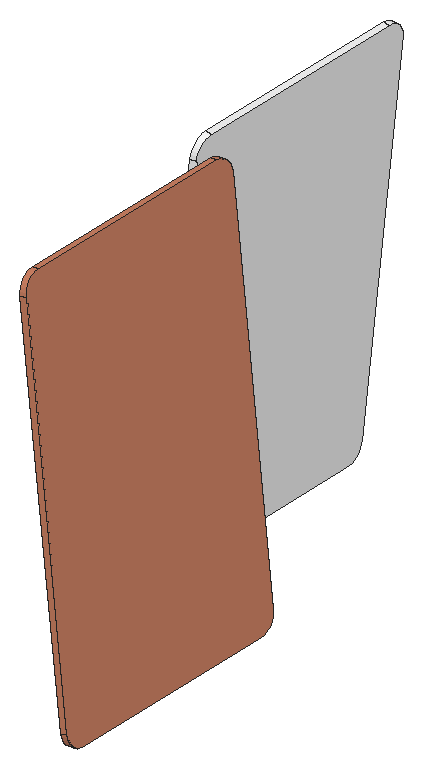
Revit family "Add_On_Board-Teknion-CQCAB_Routes-R2021", category Furniture, Revit 2021
Family settings
  OmniClass Number = 23.40.20.00
  OmniClass Title = General Furniture and Specialties
  Work Plane-Based = No
  Always vertical = Yes
  Cut with Voids When Loaded = No
  Shared = Yes
  Room Calculation Point = No
Parameters (values of type "One Whiteboard Add Ons & One Tackboard Add Ons")
  Warranty = "http://www.teknion.com/ca/papers/legal-canada"
  Unit Weight URL = "http://www.teknion.com/ca/tools/assets#&asset=bee6a381-b954-425e-8283-5a2de3a804f2,f828d448-4b62-4231-9e5f-9a8991c0ed77"
  URL = "www.teknion.com"
  To render please download texture images found here [instance] = "https://assets.teknion.com/web/5e81352c1dfdb467/revit-material-swatches/"
  Tackboard Fabric [instance] = Fabric - Teknion - D424 - India - Mumbai
  Sustainability Data = "https://www.teknion.com/ca/tools/assets#&topic=216f99a5-57a0-44fc-b10a-9dee9b29ae4c&asset=444deb64-fe58-4b68-981e-f75e97781df7,b4ff2d81-9f2e-437d-9659-7cffb09c31cf"
  Series = "Routes"  # constant formula
  Right Whiteboard Add On Board = no
  Right Tackboard Add On Board = yes
  Product Page URL = "https://www.teknion.com/ca/products/product-details?productLineId=70f0476f-8e7a-673b-a6c8-ff05004460c4"
  Product Line = "Routes"  # constant formula
  Product Documentation Link = "https://assets.teknion.com/m/72af4764f50e983c/original/Routes-Reference-Guide.pdf"
  Part Number = "CQCAB"
  Model = "CQCABU_"
  Manufacturer Phone = "416-661-3370"  # constant formula
  Manufacturer Fax = "416.661.4586"  # constant formula
  Manufacturer Contact Information = "http://www.teknion.com/ca/contactus"
  Manufacturer Address = "1150 Flint Road, Toronto, ON. M3J 2J5. Canada"  # constant formula
  Manufacturer = "Teknion"  # constant formula
  Left Whiteboard Add On = yes
  Left Tackboard Add On = no
  How To Use Teknion Materials User Guide [instance] = "https://assets.teknion.com/m/205dd0a49fa58060/original/How-to-add-a-Material-Library-and-Texture-Images-to-your-Revit-project.pdf"
  For Additional Finishes please visit [instance] = "https://assets.teknion.com/m/44a8009b046e5d47/original/Teknion_Materials_Library.zip"
  Description = "Routes  Add On Board, One Whiteboard Add Ons & One Tackboard Add On"
  Default Elevation = 0.000"
  Assembly Code = "E2020200"
  2D Add On Board = yes
Types (4): name | Tackboard Fabric | Right Whiteboard Add On Board | Right Tackboard Add On Board | Model | Left Whiteboard Add On | Left Tackboard Add On | Description
  (no name) | Fabric - Teknion - D424 - India - Mumbai | no | yes | "CQCABU_" | yes | no | "Routes  Add On Board, One Whiteboard Add Ons & One Tackboard Add On"
  One Whiteboard Add Ons & One Tackboard Add Ons | Fabric - Teknion - D424 - India - Mumbai | no | yes | "CQCABU_" | yes | no | "Routes  Add On Board, One Whiteboard Add Ons & One Tackboard Add On"
  Two Tackboard Add Ons | Fabric - Teknion - A164 - Adage - Amethyst | no | yes | "CQCABT_" | no | yes | "Routes Add On Board, Two Tackboard Add Ons"
  Two Whiteboard Add Ons | Laminate-Teknion-5D-Whiteboard | yes | no | "CQCABWW" | yes | no | "Routes Add On Board, Two Whiteboard Add Ons,"
Reference planes (in)
  plane 1: z = 0
  plane 2 "Center Left/Right": x = -0.32293
  plane 3 "Left": x = -7.39958
  plane 4 "Right": x = 6.75373
  plane 5 "Back": y = 25.42193
  plane 6 "Front": y = -33.0627
  plane 7 "Top": z = 77.87003
  plane 8 "Center (Front/Back)": y = -3.82039
Forms (in)
  Sweep 1, solid, material "Fabric - Teknion - D424 - India - Mumbai" <- "Tackboard Fabric", visible <- "Left Tackboard Add On"
    path origin (-0.33229, -2.85669, -0.14177) x (-1, 0, 0) y (0, 0, 1)
      loop
        line (6.35838, 27.01658) -> (7.06729, 27.09286)
    profile origin (-7.04512, -2.85669, 26.91295) x (-0.106981, 0, -0.994261) y (0, -1, 0)
      loop
        line (-45.5, -28.27862) -> (-2, -28.27862)
        arc (-2, -28.27862) -> (-0.58579, -27.69284) -> (0, -26.27862) r 2
        line (0, -26.27862) -> (0, -0.77862)
        arc (0, -0.77862) -> (-0.58579, 0.63559) -> (-2, 1.22138) r 2
        line (-2, 1.22138) -> (-45.5, 1.22138)
        arc (-45.5, 1.22138) -> (-46.91421, 0.63559) -> (-47.5, -0.77862) r 2
        line (-47.5, -0.77862) -> (-47.5, -26.27862)
        arc (-47.5, -26.27862) -> (-46.91421, -27.69284) -> (-45.5, -28.27862) r 2
  Sweep 2, solid, material "Laminate-Teknion-5D-Whiteboard", visible <- "Right Whiteboard Add On Board"
    path origin (-0.31131, -2.85669, -0.14177) x (1, 0, 0) y (0, 0, 1)
      loop
        line (6.35613, 27.01658) -> (7.06504, 27.09286)
    profile origin (6.39927, -2.85669, 26.91295) x (-0.106981, 0, 0.994261) y (0, -1, 0)
      loop
        arc (45.5, 0.68181) -> (46.91421, 1.26759) -> (47.5, 2.68181) r 2
        line (47.5, 2.68181) -> (47.5, 28.18181)
        arc (47.5, 28.18181) -> (46.91421, 29.59602) -> (45.5, 30.18181) r 2
        line (45.5, 30.18181) -> (2, 30.18181)
        arc (2, 30.18181) -> (0.58579, 29.59602) -> (0, 28.18181) r 2
        line (0, 28.18181) -> (0, 2.68181)
        arc (0, 2.68181) -> (0.58579, 1.26759) -> (2, 0.68181) r 2
        line (2, 0.68181) -> (45.5, 0.68181)
  Sweep 3, solid, material "Fabric - Teknion - D424 - India - Mumbai" <- "Tackboard Fabric", visible <- "Right Tackboard Add On Board"
    path origin (-0.31131, -2.85669, -0.14177) x (1, 0, 0) y (0, 0, 1)
      loop
        line (6.35613, 27.01658) -> (7.06504, 27.09286)
    profile origin (6.39927, -2.85669, 26.91295) x (-0.106981, 0, 0.994261) y (0, -1, 0)
      loop
        arc (45.5, 0.68181) -> (46.91421, 1.26759) -> (47.5, 2.68181) r 2
        line (47.5, 2.68181) -> (47.5, 28.18181)
        arc (47.5, 28.18181) -> (46.91421, 29.59602) -> (45.5, 30.18181) r 2
        line (45.5, 30.18181) -> (2, 30.18181)
        arc (2, 30.18181) -> (0.58579, 29.59602) -> (0, 28.18181) r 2
        line (0, 28.18181) -> (0, 2.68181)
        arc (0, 2.68181) -> (0.58579, 1.26759) -> (2, 0.68181) r 2
        line (2, 0.68181) -> (45.5, 0.68181)
  Sweep 4, solid, material "Laminate-Teknion-5D-Whiteboard", visible <- "Left Whiteboard Add On"
    path origin (-0.33229, -2.85669, -0.14177) x (-1, 0, 0) y (0, 0, 1)
      loop
        line (6.35838, 27.01658) -> (7.06729, 27.09286)
    profile origin (-7.04512, -2.85669, 26.91295) x (-0.106981, 0, -0.994261) y (0, -1, 0)
      loop
        line (-45.5, -28.27862) -> (-2, -28.27862)
        arc (-2, -28.27862) -> (-0.58579, -27.69284) -> (0, -26.27862) r 2
        line (0, -26.27862) -> (0, -0.77862)
        arc (0, -0.77862) -> (-0.58579, 0.63559) -> (-2, 1.22138) r 2
        line (-2, 1.22138) -> (-45.5, 1.22138)
        arc (-45.5, 1.22138) -> (-46.91421, 0.63559) -> (-47.5, -0.77862) r 2
        line (-47.5, -0.77862) -> (-47.5, -26.27862)
        arc (-47.5, -26.27862) -> (-46.91421, -27.69284) -> (-45.5, -28.27862) r 2
Lines and regions (in)
  Masking region 1
    outline origin (0, 0, 0) x (1, 0, 0) y (0, 1, 0)
      loop
        spline (0.96323, -31.0385) -> (0.96506, -31.29955) -> (0.97052, -31.55614) -> (0.97952, -31.80387) -> (0.9919, -32.0385) -> (1.00745, -32.25602) -> (1.0259, -32.45271) -> (1.04694, -32.62521) -> (1.07021, -32.77055) -> (1.09532, -32.88626) -> (1.12182, -32.97035) -> (1.14927, -33.02139) -> (1.1772, -33.0385)
        line (1.1772, -33.0385) -> (6.53977, -33.0385)
        spline (6.53977, -33.0385) -> (6.56769, -33.02139) -> (6.59514, -32.97035) -> (6.62164, -32.88626) -> (6.64675, -32.77055) -> (6.67002, -32.62521) -> (6.69106, -32.45271) -> (6.70951, -32.25602) -> (6.72506, -32.0385) -> (6.73744, -31.80387) -> (6.74644, -31.55614) -> (6.7519, -31.29955) -> (6.75373, -31.0385)
        line (6.75373, -31.0385) -> (6.75373, -5.5385)
        spline (6.75373, -5.5385) -> (6.7519, -5.27745) -> (6.74644, -5.02086) -> (6.73744, -4.77313) -> (6.72506, -4.5385) -> (6.70951, -4.32098) -> (6.69106, -4.12429) -> (6.67002, -3.95179) -> (6.64675, -3.80645) -> (6.62164, -3.69074) -> (6.59514, -3.60665) -> (6.56769, -3.55561) -> (6.53977, -3.5385)
        line (6.53977, -3.5385) -> (1.1772, -3.5385)
        spline (1.1772, -3.5385) -> (1.14927, -3.55561) -> (1.12182, -3.60665) -> (1.09532, -3.69074) -> (1.07021, -3.80645) -> (1.04694, -3.95179) -> (1.0259, -4.12429) -> (1.00745, -4.32098) -> (0.9919, -4.5385) -> (0.97952, -4.77313) -> (0.97052, -5.02086) -> (0.96506, -5.27745) -> (0.96323, -5.5385)
        line (0.96323, -5.5385) -> (0.96323, -31.0385)
      loop
        line (-1.82305, 25.42193) -> (-7.18562, 25.42193)
        spline (-7.18562, 25.42193) -> (-7.21354, 25.40482) -> (-7.24099, 25.35378) -> (-7.2675, 25.26969) -> (-7.2926, 25.15398) -> (-7.31587, 25.00864) -> (-7.33691, 24.83614) -> (-7.35536, 24.63945) -> (-7.37091, 24.42193) -> (-7.38329, 24.1873) -> (-7.39229, 23.93957) -> (-7.39775, 23.68298) -> (-7.39958, 23.42193)
        line (-7.39958, 23.42193) -> (-7.39958, -2.07807)
        spline (-7.39958, -2.07807) -> (-7.39775, -2.33912) -> (-7.39229, -2.59571) -> (-7.38329, -2.84344) -> (-7.37091, -3.07807) -> (-7.35536, -3.29559) -> (-7.33691, -3.49228) -> (-7.31587, -3.66478) -> (-7.2926, -3.81012) -> (-7.2675, -3.92583) -> (-7.24099, -4.00992) -> (-7.21354, -4.06096) -> (-7.18562, -4.07807)
        line (-7.18562, -4.07807) -> (-1.82305, -4.07807)
        spline (-1.82305, -4.07807) -> (-1.79512, -4.06096) -> (-1.76767, -4.00992) -> (-1.74117, -3.92583) -> (-1.71607, -3.81012) -> (-1.6928, -3.66478) -> (-1.67175, -3.49228) -> (-1.6533, -3.29559) -> (-1.63775, -3.07807) -> (-1.62537, -2.84344) -> (-1.61638, -2.59571) -> (-1.61092, -2.33912) -> (-1.60909, -2.07807)
        line (-1.60909, -2.07807) -> (-1.60909, 23.42193)
        spline (-1.60909, 23.42193) -> (-1.61092, 23.68298) -> (-1.61638, 23.93957) -> (-1.62537, 24.1873) -> (-1.63775, 24.42193) -> (-1.6533, 24.63945) -> (-1.67175, 24.83614) -> (-1.6928, 25.00864) -> (-1.71607, 25.15398) -> (-1.74117, 25.26969) -> (-1.76767, 25.35378) -> (-1.79512, 25.40482) -> (-1.82305, 25.42193)
  symbolic lines
    curve 1: line (-2.31799, -2.07807, 0) -> (-2.31799, 23.42193, 0)
    curve 2: spline (-2.31799, 23.42193, 0) -> (-2.31982, 23.68298, 0) -> (-2.32528, 23.93957, 0) -> (-2.33428, 24.1873, 0) -> (-2.34666, 24.42193, 0) -> (-2.36221, 24.63945, 0) -> (-2.38066, 24.83614, 0) -> (-2.4017, 25.00864, 0) -> (-2.42497, 25.15398, 0) -> (-2.45008, 25.26969, 0) -> (-2.47658, 25.35378, 0) -> (-2.50403, 25.40482, 0) -> (-2.53196, 25.42193, 0)
    curve 3: spline (-2.53196, -4.07807, 0) -> (-2.50403, -4.06096, 0) -> (-2.47658, -4.00992, 0) -> (-2.45008, -3.92583, 0) -> (-2.42497, -3.81012, 0) -> (-2.4017, -3.66478, 0) -> (-2.38066, -3.49228, 0) -> (-2.36221, -3.29559, 0) -> (-2.34666, -3.07807, 0) -> (-2.33428, -2.84344, 0) -> (-2.32528, -2.59571, 0) -> (-2.31982, -2.33912, 0) -> (-2.31799, -2.07807, 0)
    curve 4: line (1.67214, -5.5385, 0) -> (1.67214, -31.0385, 0)
    curve 5: spline (1.8861, -3.5385, 0) -> (1.85818, -3.55561, 0) -> (1.83073, -3.60665, 0) -> (1.80422, -3.69074, 0) -> (1.77912, -3.80645, 0) -> (1.75585, -3.95179, 0) -> (1.73481, -4.12429, 0) -> (1.71636, -4.32098, 0) -> (1.70081, -4.5385, 0) -> (1.68843, -4.77313, 0) -> (1.67943, -5.02086, 0) -> (1.67397, -5.27745, 0) -> (1.67214, -5.5385, 0)
    curve 6: spline (1.67214, -31.0385, 0) -> (1.67397, -31.29955, 0) -> (1.67943, -31.55614, 0) -> (1.68843, -31.80387, 0) -> (1.70081, -32.0385, 0) -> (1.71636, -32.25602, 0) -> (1.73481, -32.45271, 0) -> (1.75585, -32.62521, 0) -> (1.77912, -32.77055, 0) -> (1.80422, -32.88626, 0) -> (1.83073, -32.97035, 0) -> (1.85818, -33.02139, 0) -> (1.8861, -33.0385, 0)
Dimensions and locks (in)
  locked: plane 3 "Left" to plane 4 "Right" at 14.15106
  locked: plane 5 "Back" to plane 6 "Front" at 58.48463
  plane 7 "Top" to level = 77.87003"
  equal spacing: plane 5 "Back", plane 8 "Center (Front/Back)", plane 6 "Front"
  equal spacing: plane 3 "Left", plane 2 "Center Left/Right", plane 4 "Right"
  aligned and locked: level to plane 1
  aligned and locked: Masking region 1 sketch curve to Sweep 3  (x2)
  aligned and locked: Masking region 1 sketch curve to Sweep 2  (x2)
  aligned and locked: Masking region 1 sketch curve to Sweep 4  (x4)
  aligned and locked: curve 1 to Sweep 4
  aligned and locked: curve 4 to Sweep 3
Automatic sketch dimensions
  Sweep 1 sketch curve to plane 3 "Left" = 0.000"
  Sweep 1 sketch curve to plane 3 "Left" = 0.70891"
  Sweep 1 sketch curve to level = 26.87481"
  Sweep 1 sketch curve to Sweep 1 sketch curve = 0.07628"
  Sweep 1 sketch curve to profile plane = 0.000"
  profile plane to Sweep 1 sketch curve = 2.000"  (x2)
  profile plane to Sweep 1 sketch curve = 1.22138"
  Sweep 1 sketch curve to profile plane = 0.77862"
  Sweep 1 sketch curve to Sweep 1 sketch curve = 43.500"
  Sweep 1 sketch curve to Sweep 1 sketch curve = 2.000"
  Sweep 1 sketch curve to Sweep 1 sketch curve = 25.500"
  plane 4 "Right" to Sweep 2 sketch curve = 0.000"
  plane 4 "Right" to Sweep 2 sketch curve = 0.70891"
  level to Sweep 2 sketch curve = 26.87481"
  Sweep 2 sketch curve to Sweep 2 sketch curve = 0.07628"
  Sweep 2 sketch curve to profile plane = 0.000"
  Sweep 2 sketch curve to Sweep 2 sketch curve = 2.000"  (x2)
  Sweep 2 sketch curve to profile plane = 2.000"
  profile plane to Sweep 2 sketch curve = 2.68181"
  Sweep 2 sketch curve to Sweep 2 sketch curve = 43.500"
  Sweep 2 sketch curve to Sweep 2 sketch curve = 0.000"
  Sweep 2 sketch curve to Sweep 2 sketch curve = 25.500"
  plane 4 "Right" to Sweep 3 sketch curve = 0.000"
  plane 4 "Right" to Sweep 3 sketch curve = 0.70891"
  level to Sweep 3 sketch curve = 26.87481"
  Sweep 3 sketch curve to Sweep 3 sketch curve = 0.07628"
  Sweep 3 sketch curve to profile plane = 0.000"
  Sweep 3 sketch curve to Sweep 3 sketch curve = 2.000"  (x2)
  Sweep 3 sketch curve to profile plane = 2.000"
  profile plane to Sweep 3 sketch curve = 2.68181"
  Sweep 3 sketch curve to Sweep 3 sketch curve = 43.500"
  Sweep 3 sketch curve to Sweep 3 sketch curve = 0.000"
  Sweep 3 sketch curve to Sweep 3 sketch curve = 25.500"
  Sweep 4 sketch curve to plane 3 "Left" = 0.000"
  Sweep 4 sketch curve to plane 3 "Left" = 0.70891"
  Sweep 4 sketch curve to level = 26.87481"
  Sweep 4 sketch curve to Sweep 4 sketch curve = 0.07628"
  Sweep 4 sketch curve to profile plane = 0.000"
  profile plane to Sweep 4 sketch curve = 2.000"  (x2)
  profile plane to Sweep 4 sketch curve = 1.22138"
  Sweep 4 sketch curve to profile plane = 0.77862"
  Sweep 4 sketch curve to Sweep 4 sketch curve = 43.500"
  Sweep 4 sketch curve to Sweep 4 sketch curve = 2.000"
  Sweep 4 sketch curve to Sweep 4 sketch curve = 25.500"
  Masking region 1 sketch curve to plane 8 "Center (Front/Back)" = 1.71811"  (x2)
  Masking region 1 sketch curve to plane 6 "Front" = 2.0242"  (x2)
  plane 2 "Center Left/Right" to Masking region 1 sketch curve = 1.50012"  (x2)
  plane 4 "Right" to Masking region 1 sketch curve = 0.21396"  (x2)
  Masking region 1 sketch curve to plane 2 "Center Left/Right" = 1.50012"  (x2)
  plane 3 "Left" to Masking region 1 sketch curve = 0.21396"  (x2)
  plane 8 "Center (Front/Back)" to Masking region 1 sketch curve = 1.74232"  (x2)
  Masking region 1 sketch curve to plane 5 "Back" = 2.000"  (x2)
  plane 8 "Center (Front/Back)" to curve 1 = 1.74232"
  curve 1 to plane 5 "Back" = 2.000"
  curve 2 to plane 5 "Back" = 0.000"
  curve 2 to curve 1 = 0.21396"
  curve 3 to plane 8 "Center (Front/Back)" = 0.25768"
  curve 3 to curve 1 = 0.21396"
  curve 4 to plane 8 "Center (Front/Back)" = 1.71811"
  curve 4 to plane 6 "Front" = 2.0242"
  plane 8 "Center (Front/Back)" to curve 5 = 0.28189"
  curve 5 to curve 5 = 0.21396"
  curve 6 to curve 6 = 0.21396"
  curve 6 to plane 6 "Front" = 0.0242"
Nested families (in)
  nested 1: "Teknion_2D_Node_Family-R2020" at (-0.32293, -3.82039, 0), type "Teknion_2D_Node_Family-R2020"
Definition of nested family "Teknion_2D_Node_Family-R2020"
  Reference planes (in)
    plane 1 "Center (Front/Back)": y = 0
    plane 2: z = 0
    plane 3 "Center (Left/Right)": x = 0
  Lines and regions (in)
    detail lines, in view "Ref. Level"
      curve 1: circle (0, 0, 0) r 1.25 normal (0, 0, 1)
      curve 2: line (1.91508, -1.91508, 0) -> (-1.91508, 1.91508, 0)
      curve 3: line (-1.91508, -1.91508, 0) -> (1.91508, 1.91508, 0)
